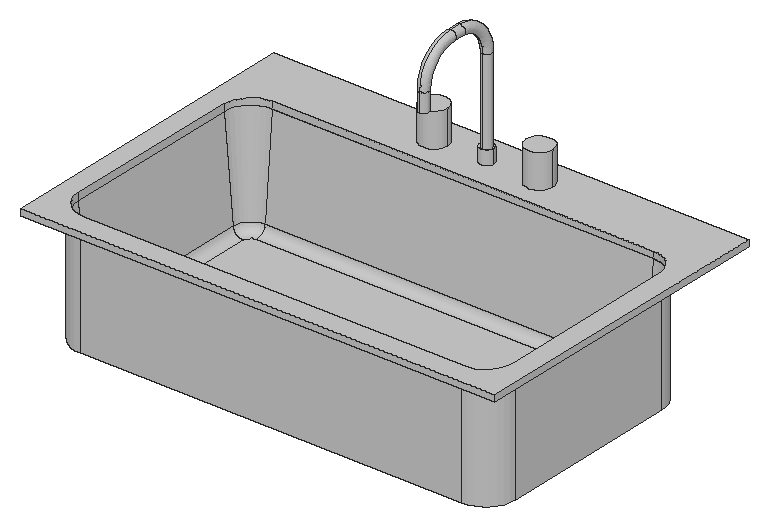
Revit family
Parameters (values of type "900 x  600mm")
  Counter Height [instance] = 900.00 mm
  Depth = 600.00 mm
  Fixture Material = Metal - Steel, Polished
  Sink Material = Metal - Steel, Polished
  Width = 900.00 mm
  Assembly Code = ""
Types (2, lengths in mm): name | Depth | Width
  760 x 535mm | 535.00 | 760.00
  900 x  600mm | 600.00 | 900.00
Reference planes
  plane 1 "Center (Front/Back)": y = 2.345
  plane 2: z = 0
  plane 3 "Center (Left/Right)": x = 15.689
  plane 4: y = 302.345
  plane 5: y = -297.655
  plane 6: x = -434.311
  plane 7: x = 465.689
  plane 8 "Top Of Counter": z = 900
  plane 9: z = 912.7
  plane 10: z = 684.1
  plane 11: y = 188.045
  plane 12: x = -396.211
  plane 13: y = -259.555
  plane 14: x = 427.589
  plane 15: x = -84.311
  plane 16: x = 115.689
  plane 17: y = 245.195
  plane 18: y = 245.195
  plane 19: y = 245.195
  plane 20: z = 1163.525
  plane 21: y = 95.97
  plane 22: z = 976.2
  plane 23: z = 938.1
Forms (mm)
  Extrusion 1, solid, material "Metal - Steel, Polished" <- "Sink Material"
    sketch origin (0, 0, 0) x (1, 0, 0) y (0, 1, 0)
      loop
        line (-434.311, 302.345) -> (-434.311, -297.655) -> (465.689, -297.655) -> (465.689, 302.345) -> (-434.311, 302.345)
      loop
        arc (-345.411, 188.045) -> (-381.332, 173.166) -> (-396.211, 137.245) r 50.8
        line (-396.211, 137.245) -> (-396.211, -208.755)
        arc (-396.211, -208.755) -> (-381.332, -244.676) -> (-345.411, -259.555) r 50.8
        line (-345.411, -259.555) -> (376.789, -259.555)
        arc (376.789, -259.555) -> (412.71, -244.676) -> (427.589, -208.755) r 50.8
        line (427.589, -208.755) -> (427.589, 137.245)
        arc (427.589, 137.245) -> (412.71, 173.166) -> (376.789, 188.045) r 50.8
        line (376.789, 188.045) -> (-345.411, 188.045)
    from 900 to 912.7
  Sweep 2, solid, material "Metal - Steel, Polished" <- "Sink Material"
    path origin (0, 0, 0) x (1, 0, 0) y (0, 1, 0)
      loop
        arc (-345.411, 188.045) -> (-381.332, 173.166) -> (-396.211, 137.245) r 50.8
        line (-396.211, 137.245) -> (-396.211, -208.755)
        arc (-396.211, -208.755) -> (-381.332, -244.676) -> (-345.411, -259.555) r 50.8
        line (-345.411, -259.555) -> (376.789, -259.555)
        arc (376.789, -259.555) -> (412.71, -244.676) -> (427.589, -208.755) r 50.8
        line (427.589, -208.755) -> (427.589, 137.245)
        arc (427.589, 137.245) -> (412.71, 173.166) -> (376.789, 188.045) r 50.8
        line (376.789, 188.045) -> (-345.411, 188.045)
    profile origin (15.689, 0, 0) x (0, 1, 0) y (0, 0, 1)
      loop
        line (188.045, 900) -> (171.511, 711.015)
        arc (171.511, 711.015) -> (165.404, 698.63) -> (152.534, 693.625) r 19.05
        line (152.534, 693.625) -> (149.945, 693.625) -> (149.945, 684.1) -> (194.395, 684.1) -> (194.395, 900) -> (188.045, 900)
  Extrusion 3, solid, material "Metal - Steel, Polished" <- "Sink Material"
    sketch origin (0, 0, 0) x (1, 0, 0) y (0, 1, 0)
      loop
        arc (-345.411, 149.945) -> (-354.391, 146.226) -> (-358.111, 137.245) r 12.7
        line (-358.111, 137.245) -> (-358.111, -208.755)
        arc (-358.111, -208.755) -> (-354.391, -217.735) -> (-345.411, -221.455) r 12.7
        line (-345.411, -221.455) -> (376.789, -221.455)
        arc (376.789, -221.455) -> (385.769, -217.735) -> (389.489, -208.755) r 12.7
        line (389.489, -208.755) -> (389.489, 137.245)
        arc (389.489, 137.245) -> (385.769, 146.226) -> (376.789, 149.945) r 12.7
        line (376.789, 149.945) -> (-345.411, 149.945)
      loop
        circle (15.689, 0) r 25.4
    from 684.1 to 693.625
  Extrusion 4, solid, material "Metal - Steel, Polished" <- "Fixture Material"
    sketch origin (0, 0, 0) x (1, 0, 0) y (0, 1, 0)
      loop
        circle (-84.311, 245.195) r 25.4
      loop
        circle (115.689, 245.195) r 25.4
    from 912.7 to 976.2
  Sweep 5, solid, material "Metal - Steel, Polished" <- "Fixture Material"
    path origin (15.689, 0, 0) x (0, 1, 0) y (0, 0, 1)
      loop
        line (245.195, 912.7) -> (245.195, 1100.025)
        arc (245.195, 1100.025) -> (226.597, 1144.926) -> (181.695, 1163.525) r 63.5
        line (181.695, 1163.525) -> (159.47, 1163.525)
        arc (159.47, 1163.525) -> (114.569, 1144.926) -> (95.97, 1100.025) r 63.5
        line (95.97, 1100.025) -> (95.97, 1065.1)
    profile origin (15.689, 0, 1006.363) x (0, -1, 0) y (1, 0, 0)
      loop
        circle (-245.195, 0) r 9.525
  Extrusion 6, solid, material "Metal - Steel, Polished" <- "Fixture Material"
    sketch origin (0, 0, 0) x (1, 0, 0) y (0, 1, 0)
      loop
        circle (15.689, 245.195) r 12.7
    from 912.7 to 938.1
Cuts and joins
  joined: Sweep 5, Extrusion 6
  joined: Sweep 2, Extrusion 3
Lines and regions (mm)
  Masking region 1
    outline origin (0, 0, 900) x (0, -1, 0) y (1, 0, 0)
      loop
        line (-302.345, -434.311) -> (297.655, -434.311) -> (297.655, 465.689) -> (-302.345, 465.689) -> (-302.345, -434.311)
  symbolic lines
    curve 1: arc (41.089, 0, 900) -> (15.689, 25.4, 900) -> (-9.711, 0, 900) r 25.4
    curve 2: arc (-9.711, 0, 900) -> (15.689, -25.4, 900) -> (41.089, 0, 900) r 25.4
    curve 3: line (-396.211, 137.245, 900) -> (-396.211, -208.755, 900)
    curve 4: line (-345.411, -259.555, 900) -> (376.789, -259.555, 900)
    curve 5: line (427.589, -208.755, 900) -> (427.589, 137.245, 900)
    curve 6: line (376.789, 188.045, 900) -> (28.389, 188.045, 900)
    curve 7: arc (427.589, 137.245, 900) -> (412.71, 173.166, 900) -> (376.789, 188.045, 900) r 50.8
    curve 8: arc (376.789, -259.555, 900) -> (412.71, -244.676, 900) -> (427.589, -208.755, 900) r 50.8
    curve 9: arc (-396.211, -208.755, 900) -> (-381.332, -244.676, 900) -> (-345.411, -259.555, 900) r 50.8
    curve 10: arc (-345.411, 188.045, 900) -> (-381.332, 173.166, 900) -> (-396.211, 137.245, 900) r 50.8
    curve 11: arc (28.389, 245.195, 900) -> (15.689, 257.895, 900) -> (2.989, 245.195, 900) r 12.7
    curve 12: line (2.989, 245.195, 900) -> (2.989, 53.145, 900)
    curve 13: line (28.389, 245.195, 900) -> (28.389, 53.145, 900)
    curve 14: arc (28.389, 53.145, 900) -> (15.689, 40.445, 900) -> (2.989, 53.145, 900) r 12.7
    curve 15: line (2.989, 188.045, 900) -> (-345.411, 188.045, 900)
    curve 16: arc (-58.911, 245.195, 900) -> (-84.311, 270.595, 900) -> (-109.711, 245.195, 900) r 25.4
    curve 17: arc (-109.711, 245.195, 900) -> (-84.311, 219.795, 900) -> (-58.911, 245.195, 900) r 25.4
    curve 18: arc (90.289, 245.195, 900) -> (115.689, 219.795, 900) -> (141.089, 245.195, 900) r 25.4
    curve 19: arc (141.089, 245.195, 900) -> (115.689, 270.595, 900) -> (90.289, 245.195, 900) r 25.4
Dimensions and locks
  equal spacing: plane 6, plane 3 "Center (Left/Right)", plane 7
  "Width": plane 6 to plane 7
  equal spacing: plane 5, plane 1 "Center (Front/Back)", plane 4
  "Depth": plane 5 to plane 4
  "Counter Height": plane 8 "Top Of Counter" to plane 2
  locked: plane 9 to plane 8 "Top Of Counter" at 12.7
  locked: plane 8 "Top Of Counter" to plane 10 at 215.9
  locked: plane 6 to plane 12 at 38.1
  locked: plane 14 to plane 7 at 38.1
  locked: plane 11 to plane 4 at 114.3
  locked: plane 5 to plane 13 at 38.1
  equal spacing: plane 11, plane 17, plane 4
  equal spacing: plane 11, plane 18, plane 4
  equal spacing: plane 4, plane 19, plane 11
  locked: plane 19 to plane 21 at 149.225
  locked: plane 20 to plane 9 at 250.825
  locked: plane 22 to plane 9 at 63.5
  locked: plane 23 to plane 9 at 25.4
  locked: plane 15 to plane 3 "Center (Left/Right)" at 100
  locked: plane 3 "Center (Left/Right)" to plane 16 at 100
  aligned and locked: Extrusion 1 sketch curve to plane 5
  aligned and locked: plane 7 to Extrusion 1 sketch curve
  aligned and locked: plane 4 to Extrusion 1 sketch curve
  aligned and locked: Extrusion 1 sketch curve to plane 6
  aligned and locked: plane 8 "Top Of Counter" to Extrusion 1
  aligned and locked: Extrusion 1 to plane 9
  aligned and locked: plane 11 to Extrusion 1 sketch curve
  aligned and locked: plane 14 to Extrusion 1 sketch curve
  aligned and locked: Extrusion 1 sketch curve to plane 12
  aligned and locked: Extrusion 1 sketch curve to plane 13
  aligned and locked: plane 11 to Sweep 2 sketch curve
  aligned and locked: plane 14 to Sweep 2 sketch curve
  aligned and locked: Sweep 2 sketch curve to plane 12
  aligned and locked: Sweep 2 sketch curve to plane 13
  aligned and locked: Sweep 2 to Extrusion 3 sketch curve  (x4)
  aligned and locked: Sweep 2 to Extrusion 3
  aligned and locked: plane 10 to Extrusion 3
  aligned and locked: Sweep 2 sketch curve to plane 10
  aligned and locked: plane 8 "Top Of Counter" to Sweep 2 sketch curve
  aligned and locked: Extrusion 4 to Extrusion 1
  aligned and locked: Extrusion 6 to Extrusion 1
  aligned and locked: Sweep 5 sketch curve to plane 19
  aligned and locked: plane 20 to Sweep 5 sketch curve
  aligned and locked: plane 21 to Sweep 5 sketch curve
  aligned and locked: Extrusion 4 to plane 22
  aligned and locked: Extrusion 6 to plane 23
  aligned and locked: plane 7 to Masking region 1 sketch curve
  aligned and locked: plane 4 to Masking region 1 sketch curve
  aligned and locked: Masking region 1 sketch curve to plane 6
  aligned and locked: Masking region 1 sketch curve to plane 5
  aligned and locked: plane 15 to Extrusion 4 sketch curve
  aligned and locked: plane 17 to Extrusion 4 sketch curve  (x2)
  aligned and locked: plane 16 to Extrusion 4 sketch curve
  aligned and locked: curve 16 to Extrusion 4
  aligned and locked: curve 18 to Extrusion 4
Automatic sketch dimensions
  Sweep 2 sketch curve to plane 12 = 50.80 mm
  Sweep 2 sketch curve to Sweep 2 sketch curve = 50.80 mm
  plane 11 to Sweep 2 sketch curve = 50.80 mm
  plane 14 to Sweep 2 sketch curve = 50.80 mm
  Extrusion 1 sketch curve to plane 12 = 50.80 mm  (x2)
  plane 14 to Extrusion 1 sketch curve = 50.80 mm  (x2)
  Extrusion 3 sketch curve to plane 3 "Center (Left/Right)" = 0.00 mm
  Extrusion 3 sketch curve to Extrusion 3 sketch curve = 12.70 mm  (x4)
  plane 1 "Center (Front/Back)" to Extrusion 3 sketch curve = 2.345 mm
  Extrusion 3 sketch curve to plane 3 "Center (Left/Right)" = 25.40 mm
  Sweep 2 sketch curve to profile plane = 0.00 mm
  profile plane to Sweep 2 sketch curve = 16.534 mm
  Sweep 2 sketch curve to Sweep 2 sketch curve = 18.978 mm
  Sweep 2 sketch curve to Sweep 2 sketch curve = 2.588 mm
  Sweep 2 sketch curve to profile plane = 6.35 mm
  Sweep 2 sketch curve to Sweep 2 sketch curve = 9.525 mm
  Sweep 2 sketch curve to Sweep 2 sketch curve = 17.39 mm
  plane 15 to Extrusion 4 sketch curve = 25.40 mm
  plane 16 to Extrusion 4 sketch curve = 25.40 mm
  Sweep 5 sketch curve to plane 3 "Center (Left/Right)" = 0.00 mm
  Sweep 5 sketch curve to profile plane = 0.00 mm
  profile plane to Sweep 5 sketch curve = 9.525 mm
  Extrusion 6 sketch curve to plane 18 = 0.00 mm
  Extrusion 6 sketch curve to plane 3 "Center (Left/Right)" = 0.00 mm
  Extrusion 6 sketch curve to plane 3 "Center (Left/Right)" = 12.70 mm
  Sweep 5 sketch curve to plane 9 = 0.00 mm
  Sweep 5 sketch curve to Sweep 5 sketch curve = 63.50 mm
  plane 11 to Sweep 5 sketch curve = 6.35 mm
  Sweep 5 sketch curve to Sweep 5 sketch curve = 34.925 mm
  curve 15 to plane 11 = 0.00 mm
  curve 6 to plane 11 = 0.00 mm
  curve 5 to plane 14 = 0.00 mm
  curve 3 to plane 12 = 0.00 mm
  curve 14 to plane 3 "Center (Left/Right)" = 0.00 mm
  curve 2 to plane 3 "Center (Left/Right)" = 0.00 mm
  curve 9 to plane 13 = 0.00 mm
  plane 4 to curve 11 = 57.15 mm
  plane 11 to curve 7 = 50.80 mm
  plane 11 to curve 10 = 50.80 mm
  curve 13 to plane 1 "Center (Front/Back)" = 50.80 mm
  plane 1 "Center (Front/Back)" to curve 1 = 2.345 mm
  curve 3 to plane 13 = 50.80 mm
  curve 8 to plane 13 = 50.80 mm
  curve 2 to plane 3 "Center (Left/Right)" = 25.40 mm
  curve 15 to plane 3 "Center (Left/Right)" = 12.70 mm
